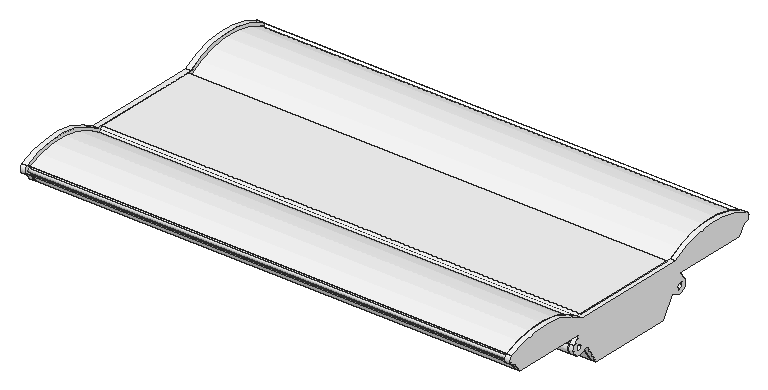
Revit family "PEL", category Lighting Fixtures, host Face, Revit 2021
Family settings
  Host = Face
  Round Connector Dimension = Use Diameter
  Part Type = Normal
  OmniClass Number = 23.80.70.11.14.17
  OmniClass Title = Direct/Indirect
  Cut with Voids When Loaded = No
  Light Source = Yes
  Shared = Yes
  Room Calculation Point = No
Parameters (values of type "PEL2")
  zz Length 2 = 24"
  Watts = 51.8 W
  Wattage Comments = ""
  Wattage = 51.8 W
  Warranty = "Five year warranty"  # constant formula
  built-in parameter 1150110 = 1 (stored number, unit not read)
  Voltage = 120 V
  URL = "https://www.currentlighting.com/columbia"
  Type Comments = "Lighting Fixture"  # constant formula
  built-in parameter 1114217 = 1 (stored number, unit not read)
  Tilt Angle = 90.00°
  built-in parameter 1150109 = 1 (stored number, unit not read)
  built-in parameter 1150134 = 12
  built-in parameter 1150113 = 1 (stored number, unit not read)
  Product Page URL = ""
  Product Documentation Link = ""
  Power Factor = 1
  Photometric Web File = "generic.ies"
  Model = "PSL"  # constant formula
  Manufacturer = "Columbia Lighting"  # constant formula
  built-in parameter 1150105 = 651.29 (stored number, unit not read)
  Lumens = 8184.4 lm
  built-in parameter 1150115 = 1 (stored number, unit not read)
  Load Classification = Lighting
  built-in parameter 1150137 = (empty or 0)
  built-in parameter 1150139 = (empty or 0)
  built-in parameter 1150112 = 1 (stored number, unit not read)
  built-in parameter 1150114 = 1 (stored number, unit not read)
  Lamp = "LED"  # constant formula
  Is 17.59 = not(Is 14.59)  # no
  Is 14.59 = yes
  Glass = White Glass
  built-in parameter 1150132 = (empty or 0)
  built-in parameter 1150102 = (empty or 0)
  built-in parameter 1150107 = 4000 (stored number, unit not read)
  built-in parameter 1150138 = (empty or 0)
  built-in parameter 1150106 = 6.5129 (stored number, unit not read)
  Emit from Rectangle Width = 13"  # constant formula
  Emit from Rectangle Length = zz Length 2 - 2"  # 22"
  Copyright = "Copyright ©  Columbia Lighting"  # constant formula
  Contact Us = ""
  Ceiling Type = "Celing Mount"  # constant formula
  Emit Shape Visible in Rendering = no
  built-in parameter 1150104 = 14.679 (stored number, unit not read)
  Dimming Lamp Color Temperature Shift = Incandescent Lamp Curve
  Description = "Peloton™ High Performance High Bay"  # constant formula
  Default Elevation = 48"
  Finish = Arctic White
  Color Filter = 16777215
  built-in parameter 1114218 = 1 (stored number, unit not read)
  built-in parameter 1150133 = 10 (stored number, unit not read)
  Assembly Code = "D5020200"
  Apparent Load = Watts / Power Factor  # 51.8 VA
Types (3): name | zz Length 2 | Is 17.59 | Is 14.59 | Emit from Rectangle Length
  (no name) | 24" | no | yes | 22"
  PEL4 | 48" | yes | no | 46"
  PEL2 | 24" | no | yes | 22"
Reference planes (in)
  plane 1 "Center (Front/Back)": y = 6.16697
  plane 2: z = 0
  plane 3 "Center (Left/Right)": x = 0
  plane 4: z = 0
Lines and regions (in)
  reference lines
    curve 1: line (0, 14.66697, -3.25) -> (0, 17.66697, -0.25)
    curve 2: line (0, -2.33303, -3.25) -> (0, 14.66697, -3.25)
    curve 3: line (0, -5.33303, -0.25) -> (0, -2.33303, -3.25)
    curve 4: line (0, 14.66697, -3.25) -> (0, 17.66697, -0.25)
    curve 5: line (0, -5.33303, -0.25) -> (0, 17.66697, -0.25)
    curve 6: line (0, 17.41697, -0.77432) -> (0, 18.16697, -0.77432)
    curve 7: line (0, 17.41697, -1.52432) -> (0, 17.41697, -0.77432)
    curve 8: line (0, 16.93705, -1.52432) -> (0, 17.41697, -1.52432)
    curve 9: line (0, 15.16697, -4.25) -> (0, 16.93705, -1.52432)
    curve 10: line (0, -4.60311, -1.52432) -> (0, -2.83303, -4.25)
    curve 11: line (0, -5.08303, -1.52432) -> (0, -4.60311, -1.52432)
    curve 12: line (0, -5.08303, -0.77432) -> (0, -5.08303, -1.52432)
    curve 13: line (0, -5.83303, -0.77432) -> (0, -5.08303, -0.77432)
Dimensions and locks (in)
  aligned and locked: plane 2 to host face
  aligned and locked: level to host face
  aligned and locked: imposter light to plane 3 "Center (Left/Right)"
  aligned and locked: imposter light to plane 1 "Center (Front/Back)"
  aligned and locked: plane 3 "Center (Left/Right)" to nested 1
  aligned and locked: plane 1 "Center (Front/Back)" to nested 1
Nested families (in)
  nested 1: "LED High Performance High Bay" at (2.04767, 6.12698, 0), Glass <- "Glass", Backbox <- "Finish", zz Length 1 <- "zz Length 2", Is 14.59 <- "Is 14.59", type "LED High Performance High Bay"
    with zz Length 2 14.59", zz Length 1 24", Is 17.59 no, Is 14.59 yes, Glass White Glass, Backbox Arctic White
Connectors (in)
  electrical at (0, 6.16697, 0), driven by "Load Classification", driven by "Voltage", driven by "Apparent Load", driven by "Power Factor"
    settings: on nested 1, index 1, voltage 120 V, apparent load 51.8 VA, apparent load phase1 0 VA, apparent load phase2 0 VA, apparent load phase3 0 VA, power factor 1, load classification "Lighting", number of poles 1, system type 30, power factor state 1, is connector primary yes, connector utility no, sub classification motor no, connector description "Electrical Connector"
Definition of nested family "LED High Performance High Bay"
  Parameters
    zz Length 2 [instance] = if(Is 14.59, 14.59", 17.59")  # 14.59"
    Wattage Comments = ""
    URL = ""
    zz Length 1 [instance] = 48"
    Model = ""
    Manufacturer = ""
    Lamp = ""
    Is 17.59 [instance] = not(Is 14.59)  # no
    Is 14.59 [instance] = yes
    Glass [instance] = none
    Description = ""
    Default Elevation = 48"
    Backbox [instance] = none
  Reference planes (in)
    plane 1 "Center (Front/Back)": y = 0.03999
    plane 2: z = 0
    plane 3 "Center (Left/Right)": x = -2.04767
    plane 4: x = -26.04767
    plane 5: x = 21.95233
    plane 6: x = -25.79767
    plane 7: x = 21.70233
    plane 8: z = 3
    plane 9: y = -7.25501
    plane 10: y = 7.33499
    plane 11: y = 3.12543
    plane 12: y = -3.04545
  Forms (in)
    Extrusion 1, solid
      sketch origin (0, 0, 0.06357) x (1, 0, 0) y (0, 1, 0)
        loop
          line (-48, 48) -> (-48, -48) -> (48, -48) -> (48, 48) -> (-48, 48)
      from -0.06357 to -17.74365
    Extrusion 2, solid, material <- "Backbox"
      sketch origin (-2.04767, 0, 0) x (0, 1, 0) y (0, 0, 1)
        loop
          line (6.71843, 1.67) -> (7.03634, 2.10974) -> (7.10879, 2.10974)
          arc (7.10879, 2.10974) -> (7.32439, 2.2795) -> (7.20993, 2.5289) r 0.22178
          arc (7.20993, 2.5289) -> (5.02958, 2.99498) -> (2.90988, 2.30355) r 4.28883
          line (2.90988, 2.30355) -> (-2.8299, 2.30355)
          arc (-2.8299, 2.30355) -> (-4.94959, 2.99498) -> (-7.12995, 2.5289) r 4.28883
          arc (-7.12995, 2.5289) -> (-7.2444, 2.2795) -> (-7.02881, 2.10974) r 0.22178
          line (-7.02881, 2.10974) -> (-6.95636, 2.10974) -> (-6.63845, 1.67) -> (-3.06172, 1.67) -> (-3.32439, 1.3078)
          arc (-3.32439, 1.3078) -> (-3.31872, 0.89562) -> (-2.92196, 0.78382) r 0.34457
          line (-2.92196, 0.78382) -> (-2.59019, 0.91118) -> (-1.99846, 0) -> (2.07844, 0) -> (2.67017, 0.91118) -> (3.00194, 0.78382)
          arc (3.00194, 0.78382) -> (3.3987, 0.89562) -> (3.40437, 1.3078) r 0.34457
          line (3.40437, 1.3078) -> (3.14171, 1.67) -> (6.71843, 1.67)
        loop
          circle (3.12543, 1.10551) r 0.15132
        loop
          circle (-3.04545, 1.10551) r 0.15132
      from 23.75 to 24
    Extrusion 3, solid, material <- "Backbox"
      sketch origin (-2.04767, 0, 0) x (0, 1, 0) y (0, 0, -1)
        loop
          line (6.71843, -1.67) -> (3.14171, -1.67) -> (3.40437, -1.3078)
          arc (3.40437, -1.3078) -> (3.3987, -0.89562) -> (3.00194, -0.78382) r 0.34457
          line (3.00194, -0.78382) -> (2.67017, -0.91118) -> (2.07844, 0) -> (-1.99846, 0) -> (-2.59019, -0.91118) -> (-2.92196, -0.78382)
          arc (-2.92196, -0.78382) -> (-3.31872, -0.89562) -> (-3.32439, -1.3078) r 0.34457
          line (-3.32439, -1.3078) -> (-3.06172, -1.67) -> (-6.63845, -1.67) -> (-6.95636, -2.10974) -> (-7.02881, -2.10974)
          arc (-7.02881, -2.10974) -> (-7.2444, -2.2795) -> (-7.12995, -2.5289) r 0.22178
          arc (-7.12995, -2.5289) -> (-4.94959, -2.99498) -> (-2.8299, -2.30355) r 4.28883
          line (-2.8299, -2.30355) -> (2.90988, -2.30355)
          arc (2.90988, -2.30355) -> (5.02958, -2.99498) -> (7.20993, -2.5289) r 4.28883
          arc (7.20993, -2.5289) -> (7.32439, -2.2795) -> (7.10879, -2.10974) r 0.22178
          line (7.10879, -2.10974) -> (7.03634, -2.10974) -> (6.71843, -1.67)
        loop
          circle (3.12543, -1.10551) r 0.15132
        loop
          circle (-3.04545, -1.10551) r 0.15132
      from 23.75 to 24
    Extrusion 4, solid, material <- "Backbox"
      sketch origin (-2.04767, 0, 0) x (0, 1, 0) y (0, 0, 1)
        loop
          line (2.07844, 0) -> (2.67017, 0.91118) -> (3.00194, 0.78382)
          arc (3.00194, 0.78382) -> (3.3987, 0.89562) -> (3.40437, 1.3078) r 0.34457
          line (3.40437, 1.3078) -> (3.14171, 1.67) -> (6.71843, 1.67) -> (7.12812, 2.23669)
          arc (7.12812, 2.23669) -> (7.20468, 2.31838) -> (7.15293, 2.41766) r 0.09678
          arc (7.15293, 2.41766) -> (4.9472, 2.86454) -> (2.83111, 2.09831) r 4.16383
          line (2.83111, 2.09831) -> (2.68227, 2.30355) -> (-2.60229, 2.30355) -> (-2.75112, 2.09831)
          arc (-2.75112, 2.09831) -> (-4.86721, 2.86454) -> (-7.07294, 2.41766) r 4.16383
          arc (-7.07294, 2.41766) -> (-7.12469, 2.31838) -> (-7.04814, 2.23669) r 0.09678
          line (-7.04814, 2.23669) -> (-6.63845, 1.67) -> (-3.06172, 1.67) -> (-3.32439, 1.3078)
          arc (-3.32439, 1.3078) -> (-3.31872, 0.89562) -> (-2.92196, 0.78382) r 0.34457
          line (-2.92196, 0.78382) -> (-2.59019, 0.91118) -> (-1.99846, 0) -> (2.07844, 0)
      from -23.75 to 23.75
    Extrusion 5, solid, material <- "Glass"
      sketch origin (-2.04767, 0, 0) x (0, 1, 0) y (0, 0, 1)
        loop
          line (7.03634, 2.10974) -> (7.10879, 2.10974)
          arc (7.10879, 2.10974) -> (7.32439, 2.2795) -> (7.20993, 2.5289) r 0.22178
          arc (7.20993, 2.5289) -> (4.93759, 2.98917) -> (2.75772, 2.1995) r 4.28883
          line (2.75772, 2.1995) -> (2.83111, 2.09831)
          arc (2.83111, 2.09831) -> (4.9472, 2.86454) -> (7.15293, 2.41766) r 4.16383
          arc (7.15293, 2.41766) -> (7.20468, 2.31838) -> (7.12812, 2.23669) r 0.09678
          line (7.12812, 2.23669) -> (7.03634, 2.10974)
        loop
          line (-6.95636, 2.10974) -> (-7.04814, 2.23669)
          arc (-7.04814, 2.23669) -> (-7.12469, 2.31838) -> (-7.07294, 2.41766) r 0.09678
          arc (-7.07294, 2.41766) -> (-4.86721, 2.86454) -> (-2.75112, 2.09831) r 4.16383
          line (-2.75112, 2.09831) -> (-2.67774, 2.1995)
          arc (-2.67774, 2.1995) -> (-4.85761, 2.98917) -> (-7.12995, 2.5289) r 4.28883
          arc (-7.12995, 2.5289) -> (-7.2444, 2.2795) -> (-7.02881, 2.10974) r 0.22178
          line (-7.02881, 2.10974) -> (-6.95636, 2.10974)
      from -23.75 to 23.75
  Dimensions and locks (in)
    equal spacing: plane 5, plane 3 "Center (Left/Right)", plane 4
    locked: plane 6 to plane 4 at 0.25
    "zz Length 1": plane 5 to plane 4
    equal spacing: plane 7, plane 3 "Center (Left/Right)", plane 6
    plane 8 to plane 2 = 3"
    equal spacing: plane 10, plane 1 "Center (Front/Back)", plane 9
    "zz Length 2": plane 10 to plane 9
    locked: plane 10 to plane 11 at 4.20956
    locked: plane 12 to plane 9 at 4.20956
    radius of Extrusion 2 sketch curve = 0.22178"  (x2)
    radius of Extrusion 2 sketch curve = 4.28883"  (x2)
    radius of Extrusion 3 sketch curve = 0.22178"  (x2)
    radius of Extrusion 3 sketch curve = 4.28883"  (x2)
    aligned and locked: plane 2 to Extrusion 1
    aligned and locked: level to Extrusion 1
    aligned and locked: plane 11 to Extrusion 2 sketch curve
    aligned and locked: plane 12 to Extrusion 2 sketch curve
    aligned and locked: Extrusion 3 to plane 4
    aligned and locked: plane 6 to Extrusion 3
    aligned and locked: Extrusion 4 sketch curve to Extrusion 3  (x5)
    aligned and locked: Extrusion 1 to Extrusion 4 sketch curve
    aligned and locked: plane 12 to Extrusion 4 sketch curve
    aligned and locked: Extrusion 4 to plane 6
    aligned and locked: plane 7 to Extrusion 4
    aligned and locked: Extrusion 5 to plane 6
    aligned and locked: plane 7 to Extrusion 5
    aligned and locked: plane 5 to Extrusion 2
    aligned and locked: Extrusion 2 to plane 7
  Automatic sketch dimensions
    Extrusion 1 sketch curve to Extrusion 1 sketch curve = 96"  (x2)
    Extrusion 2 sketch curve to Extrusion 2 sketch curve = 0"  (x4)
    Extrusion 2 sketch curve to level = 0"
    Extrusion 2 sketch curve to plane 12 = 0.01628"
    Extrusion 2 sketch curve to plane 12 = 0.27895"
    Extrusion 2 sketch curve to plane 9 = 2.08096"
    Extrusion 2 sketch curve to plane 9 = 0.61656"
    Extrusion 2 sketch curve to plane 9 = 0.29865"
    Extrusion 2 sketch curve to plane 9 = 0.2262"
    plane 12 to Extrusion 2 sketch curve = 0.12348"
    plane 12 to Extrusion 2 sketch curve = 0.21555"
    Extrusion 2 sketch curve to Extrusion 2 sketch curve = 0.33178"
    plane 12 to Extrusion 2 sketch curve = 1.04699"
    plane 11 to Extrusion 2 sketch curve = 1.04699"
    plane 11 to Extrusion 2 sketch curve = 0.45526"
    plane 11 to Extrusion 2 sketch curve = 0.21555"
    plane 11 to Extrusion 2 sketch curve = 0.12348"
    Extrusion 2 sketch curve to plane 11 = 0.01628"
    Extrusion 2 sketch curve to plane 11 = 0.27895"
    Extrusion 2 sketch curve to level = 1.28797"
    Extrusion 2 sketch curve to plane 10 = 2.08096"
    Extrusion 2 sketch curve to plane 10 = 0.61656"
    Extrusion 2 sketch curve to plane 10 = 0.29865"
    Extrusion 2 sketch curve to Extrusion 2 sketch curve = 0.07245"
    level to Extrusion 2 sketch curve = 0.78382"  (x2)
    Extrusion 2 sketch curve to Extrusion 2 sketch curve = 0.12736"  (x2)
    Extrusion 2 sketch curve to Extrusion 2 sketch curve = 0.32169"  (x2)
    Extrusion 2 sketch curve to plane 8 = 1.33"  (x2)
    Extrusion 2 sketch curve to Extrusion 2 sketch curve = 0.43974"  (x2)
    Extrusion 3 sketch curve to Extrusion 3 sketch curve = 0"  (x4)
    Extrusion 3 sketch curve to plane 12 = 0"
    Extrusion 3 sketch curve to level = 0"
    Extrusion 3 sketch curve to plane 11 = 0"
    Extrusion 3 sketch curve to plane 12 = 0.01628"
    Extrusion 3 sketch curve to plane 12 = 0.27895"
    Extrusion 3 sketch curve to plane 9 = 2.08096"
    Extrusion 3 sketch curve to plane 9 = 0.61656"
    Extrusion 3 sketch curve to plane 9 = 0.29865"
    Extrusion 3 sketch curve to plane 9 = 0.2262"
    plane 12 to Extrusion 3 sketch curve = 0.12348"
    plane 12 to Extrusion 3 sketch curve = 0.21555"
    Extrusion 3 sketch curve to Extrusion 3 sketch curve = 0.33178"
    plane 12 to Extrusion 3 sketch curve = 1.04699"
    plane 11 to Extrusion 3 sketch curve = 1.04699"
    plane 11 to Extrusion 3 sketch curve = 0.45526"
    plane 11 to Extrusion 3 sketch curve = 0.21555"
    plane 11 to Extrusion 3 sketch curve = 0.12348"
    Extrusion 3 sketch curve to plane 11 = 0.01628"
    Extrusion 3 sketch curve to plane 11 = 0.27895"
    Extrusion 3 sketch curve to level = 1.28797"
    Extrusion 3 sketch curve to plane 10 = 2.08096"
    Extrusion 3 sketch curve to plane 10 = 0.61656"
    Extrusion 3 sketch curve to plane 10 = 0.29865"
    Extrusion 3 sketch curve to Extrusion 3 sketch curve = 0.07245"
    Extrusion 3 sketch curve to plane 8 = 0.66848"  (x2)
    Extrusion 3 sketch curve to Extrusion 3 sketch curve = 0.43974"  (x2)
    Extrusion 3 sketch curve to Extrusion 3 sketch curve = 0.36221"  (x2)
    Extrusion 3 sketch curve to Extrusion 3 sketch curve = 0.20229"  (x2)
    Extrusion 3 sketch curve to Extrusion 3 sketch curve = 0.12736"  (x2)
    Extrusion 4 sketch curve to plane 12 = 0.27895"
    Extrusion 4 sketch curve to plane 9 = 2.08096"
    Extrusion 4 sketch curve to plane 9 = 0.61656"
    Extrusion 4 sketch curve to plane 9 = 0.2262"
    plane 12 to Extrusion 4 sketch curve = 0.12348"
    Extrusion 4 sketch curve to Extrusion 4 sketch curve = 0.14884"  (x2)
    plane 11 to Extrusion 4 sketch curve = 0.44316"
    plane 11 to Extrusion 4 sketch curve = 0.12348"
    Extrusion 4 sketch curve to plane 11 = 0.01628"
    Extrusion 4 sketch curve to plane 11 = 0.27895"
    Extrusion 4 sketch curve to level = 1.28797"  (x2)
    Extrusion 4 sketch curve to plane 10 = 2.08096"
    Extrusion 4 sketch curve to plane 10 = 0.61656"
    Extrusion 4 sketch curve to plane 10 = 0.2262"
    Extrusion 4 sketch curve to Extrusion 4 sketch curve = 0.01933"  (x2)
    Extrusion 4 sketch curve to Extrusion 4 sketch curve = 0.32169"
    Extrusion 4 sketch curve to plane 8 = 1.33"
    Extrusion 4 sketch curve to Extrusion 4 sketch curve = 0.36221"
    Extrusion 4 sketch curve to Extrusion 4 sketch curve = 0.42831"  (x2)
    Extrusion 4 sketch curve to Extrusion 4 sketch curve = 0.56669"
    Extrusion 4 sketch curve to plane 8 = 0.66848"
    Extrusion 4 sketch curve to Extrusion 4 sketch curve = 0.09483"
    Extrusion 4 sketch curve to Extrusion 4 sketch curve = 0"
    Extrusion 4 sketch curve to Extrusion 4 sketch curve = 0.3106"
    Extrusion 4 sketch curve to plane 12 = 0.01628"
    Extrusion 4 sketch curve to Extrusion 4 sketch curve = 0.20524"
    Extrusion 5 sketch curve to Extrusion 5 sketch curve = 0"  (x8)
    Extrusion 5 sketch curve to plane 9 = 0.20687"
    Extrusion 5 sketch curve to Extrusion 5 sketch curve = 0.01933"  (x2)
    Extrusion 5 sketch curve to Extrusion 5 sketch curve = 0.07245"  (x2)
    Extrusion 5 sketch curve to plane 9 = 2.08096"
    plane 12 to Extrusion 5 sketch curve = 0.29432"
    Extrusion 5 sketch curve to Extrusion 5 sketch curve = 0.07338"  (x2)
    plane 11 to Extrusion 5 sketch curve = 0.36771"
    Extrusion 5 sketch curve to level = 1.28797"  (x2)
    Extrusion 5 sketch curve to plane 10 = 2.08096"
    Extrusion 5 sketch curve to plane 10 = 0.29865"
    Extrusion 5 sketch curve to plane 8 = 0.90169"  (x2)
    Extrusion 5 sketch curve to plane 8 = 0.89026"  (x2)
    Extrusion 5 sketch curve to Extrusion 5 sketch curve = 0.10119"  (x2)
    Extrusion 5 sketch curve to Extrusion 5 sketch curve = 0.12695"  (x2)
    Extrusion 5 sketch curve to Extrusion 5 sketch curve = 0.09483"  (x2)
    radius of Extrusion 2 sketch curve = 0.15132"  (x2)
    radius of Extrusion 3 sketch curve = 0.15132"  (x2)
